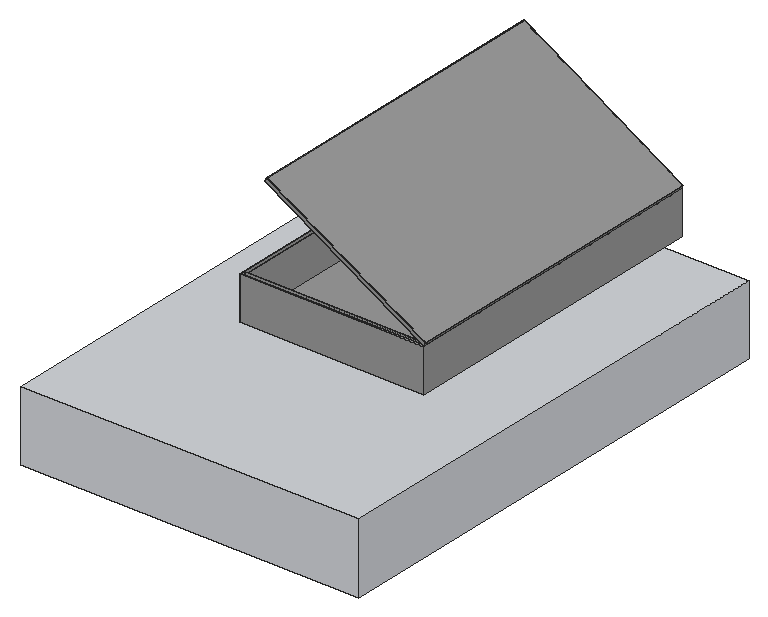
Revit family "Hager-Univers-IP54-D205-H1400-Cl.I-encl-DE-de", category Equipement électrique, Revit 2020
Family settings
  Hôte = Face
  Configuration du panneau = Deux colonnes, circuits au sein
  Cote de connecteur circulaire = Utiliser le diamètre
  Type d'élément = Tableau de raccordement
  Couper avec des vides une fois chargée = Non
  Partagée = Non
  Point de calcul de pièce = Non
Parameters (values of type "Aufputz IP54 B800 H1400 T205  - FP93TW2")
  Width Control [instance] = if([EF000008 - Breite] > Min Width, [EF000008 - Breite], Min Width)  # 800 mm
  Commentaires du type = [HG000003 - Bereich]  # "Univers"
  Thickness Door [instance] = if([EF009171 - Materialstärke Tür/Deckel] > 3 mm, 3 mm, [EF009171 - Materialstärke Tür/Deckel])  # 1 mm
  Seal Frame Offset [instance] = 17 mm  # constant formula
  Plinth Visibility [instance] = [HG000027 - Sockelhöhe] > 0 mm  # no
  Model = ""
  Min Width [instance] = 100 mm  # constant formula
  Min Height [instance] = 100 mm  # constant formula
  Min Depth [instance] = (2 * [EF009170 - Materialstärke Gehäuse]) + 1 mm  # 3 mm
  Internal Frame Depth [instance] = (Door System Depth * 0.5)  # 9 mm
  Height Control [instance] = if([EF000040 - Höhe] > Min Height, [EF000040 - Höhe], Min Height)  # 1400 mm
  HG000027 - Sockelhöhe = 0 mm
  HG000026 - Stehend auf dem Boden = no
  HG000024 - Höhe des unteren Teils = 800 mm
  HG000023 - Gehäuse mit doppeltem Querschnitt = no
  HG000016 - 3D-Türsichtbarkeit [instance] = yes
  HG000015 - Sichtbarkeit der Türöffnung [instance] = no
  HG000014 - Tür rechts [instance] = yes
  HG000013 - Tür links [instance] = not([HG000014 - Tür rechts])  # no
  HG000012 - Türschwenkwinkel [instance] = 30.00°
  HG000010 - Asymmetrische Türen = no
  HG000009 - Doppelflügeligen Tür = no
  HG000006 - Unterputz = no
  HG000004 - Herstellerreferenz = "FP93TW2"
  HG000003 - Bereich = "Univers"
  HG000002 - Mit tür = yes
  Frame Offset Bottom [instance] = 10 mm  # constant formula
  Frame Offset [instance] = 15 mm  # constant formula
  EF015940 - Deckel mit Überdruckentlastung = no
  EF011959 - Schutzart (NEMA) = ""
  EF009554 - Anzahl der Öffnungen für Flanschplatten = 6
  Fabricant = "Hager"  # constant formula
  EF009212 - Ausführung Deckel = "EV000116 - geschlossen"
  EF009171 - Materialstärke Tür/Deckel = 1 mm
  EF009170 - Materialstärke Gehäuse = 1 mm
  EF008873 - Nennstrom (In) = 250 A
  EF007800 - Geeignet für Blitzschutz = no
  EF006306 - Mit Schloss = no
  EF006244 - Transparenter Deckel/Tür = no
  EF005474 - Schutzart (IP) = "EV006419 - IP54"
  EF004464 - Art der Tür = "EV002646 - Einzel"
  EF004427 - Anzahl der Module = 324
  EF004293 - Schlagfestigkeit = "EV006815 - IK09"
  EF003532 - Geeignet für Außengebrauch = no
  EF002950 - Breite in Teilungseinheiten = 36
  EF001613 - Funktionserhalt = "EV000494 - ohne"
  EF001596 - Werkstoff des Gehäuses = "EV000179 - Stahl"
  EF001131 - Innentiefe = 130 mm
  EF001088 - Anbaumöglichkeit = yes
  EF000437 - Anzahl der Leitungseinführungen = 6
  EF000339 - Art der Abdeckung = "EV001012 - Deckel"
  EF000266 - Anzahl der Reihen = 9
  EF000218 - Einbautiefe = 205 mm
  EF000118 - Mit Montageplatte = no
  EF000116 - RAL-Nummer = "9010"
  EF000049 - Tiefe = 205 mm
  EF000040 - Höhe = 1400 mm
  EF000008 - Breite = 800 mm
  EF000007 - Farbe = "EV000202 - weiß"
  EF000003 - Montageart = "EV000384 - Aufputz"
  Door System Leaf Tolerance [instance] = 1.5 mm  # constant formula
  Door System Depth [instance] = 18 mm  # constant formula
  Door Height [instance] = Height Control - [HG000027 - Sockelhöhe]  # 1400 mm
  Depth Control [instance] = if([EF000049 - Tiefe] > Min Depth, [EF000049 - Tiefe], Min Depth)  # 205 mm
  Default Elevation = 0 mm
  Connector Offset [instance] = Height Control / 2  # 700 mm
  Bottom Top Plate Trim [instance] = 1.5 mm  # constant formula
  Plinth height Ctrl [instance] = if([HG000027 - Sockelhöhe] > 0 mm, [HG000027 - Sockelhöhe], 12 mm)  # 12 mm
Types (8, lengths in mm): name | Width Control | HG000009 - Doppelflügeligen Tür | HG000004 - Herstellerreferenz | EF009554 - Anzahl der Öffnungen für Flanschplatten | EF004464 - Art der Tür | EF004427 - Anzahl der Module | EF002950 - Breite in Teilungseinheiten | EF000437 - Anzahl der Leitungseinführungen | EF000008 - Breite
  Aufputz IP54 B1050 H1400 T205  - FP94TW2 | 1050 | no | "FP94TW2" | 8 | "EV003602 - Doppel" | 432 | 48 | 8 | 1050
  Aufputz IP54 B1300 H1400 T205  - FP95TW | 1300 | yes | "FP95TW" | 10 | "EV003602 - Doppel" | 540 | 60 | 10 | 1300
  Aufputz IP54 B1300 H1400 T205  - FP95TW2 | 1300 | yes | "FP95TW2" | 10 | "EV003602 - Doppel" | 540 | 60 | 10 | 1300
  Aufputz IP54 B300 H1400 T205  - FP91TW2 | 300 | no | "FP91TW2" | 2 | "EV002646 - Einzel" | 108 | 12 | 2 | 300
  Aufputz IP54 B550 H1400 T205  - FP92TW | 550 | no | "FP92TW" | 4 | "EV002646 - Einzel" | 216 | 24 | 4 | 550
  Aufputz IP54 B550 H1400 T205  - FP92TW2 | 550 | no | "FP92TW2" | 4 | "EV002646 - Einzel" | 216 | 24 | 4 | 550
  Aufputz IP54 B800 H1400 T205  - FP93TW | 800 | no | "FP93TW" | 6 | "EV002646 - Einzel" | 324 | 36 | 6 | 800
  Aufputz IP54 B800 H1400 T205  - FP93TW2 | 800 | no | "FP93TW2" | 6 | "EV002646 - Einzel" | 324 | 36 | 6 | 800
Reference planes
  plane 1 "Center (Front/Back)": y = 0
  plane 2: z = 0
  plane 3 "Center (Left/Right)": x = 0
  plane 4: z = 205
  plane 5: y = 1
  plane 6: y = 700
  plane 7: y = 0
  plane 8: y = 1400
  plane 9: z = 0
  plane 10: x = -385
  plane 11: x = 385
  plane 12: x = 384
  plane 13: x = -384
  plane 14: y = 1399
  plane 15: x = -383
  plane 16: x = -400
  plane 17: x = 383
  plane 18: x = 400
  plane 19: x = 399
  plane 20: x = -399
  plane 21: y = 11
  plane 22: y = 1400
  plane 23: y = 1384
  plane 24: z = 187
  plane 25: z = 1
  plane 26: z = 186
  plane 27: z = 204
Forms (mm)
  Extrusion 1, solid
    sketch origin (0, 0, 0) x (1, 0, 0) y (0, 1, 0)
      loop
        line (-702.964, 1305) -> (-702.964, -811.445) -> (766.763, -811.445) -> (766.763, 1305) -> (-702.964, 1305)
    from 0 to -304.8
  Extrusion 2, solid, material "Hager_Steel_RAL7035_Light_Grey", visible <- "Plinth Visibility", detail levels medium+fine
    sketch origin (0, 0, 0) x (1, 0, 0) y (0, 1, 0)
      loop
        line (-400, 0) -> (400, 0) -> (400, 12) -> (-400, 12) -> (-400, 0)
    from 0 to 187
  Extrusion 3, solid, material "Hager_Steel_RAL7035_Light_Grey", detail levels medium+fine
    sketch origin (0, 0, 0) x (1, 0, 0) y (0, 1, 0)
      loop
        line (-400, 0) -> (400, 0) -> (400, 1400) -> (-400, 1400) -> (-400, 0)
    from 0 to 187
  Extrusion 4, void
    sketch origin (0, 0, 0) x (1, 0, 0) y (0, 1, 0)
      loop
        line (-399, 1) -> (399, 1) -> (399, 1399) -> (-399, 1399) -> (-399, 1)
    from 1 to 186
  Extrusion 5, void
    sketch origin (-381.607, -4572, 187) x (0, -1, 0) y (-1, 0, 0)
      loop
        line (-4583, 2.393) -> (-5956, 2.393) -> (-5956, -765.607) -> (-4583, -765.607) -> (-4583, 2.393)
    from 0 to 1 <- "EF009170 - Materialstärke Gehäuse"
  Extrusion 6, solid, material "Hager_Steel_RAL7035_Light_Grey", detail levels fine
    sketch origin (0, 0, 187) x (1, 0, 0) y (0, 1, 0)
      loop
        line (-384, 1384) -> (-384, 11) -> (384, 11) -> (384, 1384) -> (-384, 1384)
      loop
        line (-385, 10) -> (385, 10) -> (385, 1385) -> (-385, 1385) -> (-385, 10)
    from 0 to 9 <- "Internal Frame Depth"
  Extrusion 7, solid, material "Hager_Steel_RAL7035_Light_Grey", detail levels coarse
    sketch origin (0, 0, 0) x (1, 0, 0) y (0, 1, 0)
      loop
        line (-400, 0) -> (400, 0) -> (400, 1400) -> (-400, 1400) -> (-400, 0)
    from 0 to 205
  Sweep 8, void
    path in 3D
      loop
        line (-400, 12, 0) -> (400, 12, 0) -> (400, 12, 187) -> (-400, 12, 187) -> (-400, 12, 0)
    profile origin (-400, 12, 93.5) x (-1, 0, 0) y (0, -1, 0)
      loop
        line (0, 0) -> (0, 1.5) -> (-1.5, 1.5)
        arc (-1.5, 1.5) -> (-1.061, 0.439) -> (0, 0) r 1.5
Cuts and joins
  Extrusion 4, Extrusion 5 cuts Extrusion 3
  Sweep 8 cuts Extrusion 2
Lines and regions (mm)
  Masking region 1
    outline origin (0, 0, 0) x (1, 0, 0) y (0, 0, 1)
      loop
        line (-400, 205) -> (-400, 0) -> (400, 0) -> (400, 205) -> (-400, 205)
  Masking region 2, detail levels medium+fine
    outline origin (0, 140, 0) x (0, 1, 0) y (0, 0, 1)
      loop
        line (-140, 0) -> (1260, 0) -> (1260, 187) -> (-140, 187) -> (-140, 0)
  Masking region 3, not visible, detail levels medium+fine
    outline origin (0, 297.922, 0) x (0, 1, 0) y (0, 0, 1)
      loop
        line (413.578, 0) -> (453.578, 0) -> (453.578, 194)
        arc (453.578, 194) -> (450.649, 201.071) -> (443.578, 204) r 10
        line (443.578, 204) -> (413.578, 204) -> (413.578, 0)
  Masking region 4, detail levels coarse
    outline origin (0, 0, 180) x (0, 1, 0) y (0, 0, 1)
      loop
        line (0, -180) -> (1400, -180) -> (1400, 25) -> (0, 25) -> (0, -180)
  Masking region 5, visible <- "Plinth Visibility", detail levels medium+fine
    outline origin (0, 52.24, 12.345) x (0, 0, -1) y (0, 1, 0)
      loop
        line (10.845, -40.24) -> (-173.155, -40.24)
        arc (-173.155, -40.24) -> (-173.594, -41.301) -> (-174.655, -41.74) r 1.5
        line (-174.655, -41.74) -> (-174.655, -52.24) -> (12.345, -52.24) -> (12.345, -41.74)
        arc (12.345, -41.74) -> (11.285, -41.301) -> (10.845, -40.24) r 1.5
  Masking region 6, detail levels medium+fine
    outline origin (-381.607, -4572, 187) x (-1, 0, 0) y (0, -1, 0)
      loop
        line (18.393, -5972) -> (18.393, -4572) -> (-781.607, -4572) -> (-781.607, -5972) -> (18.393, -5972)
  Masking region 7, visible <- "Plinth Visibility", detail levels medium+fine
    outline origin (-381.607, -4727, 187) x (-1, 0, 0) y (0, -1, 0)
      loop
        arc (16.893, -4739) -> (17.332, -4737.939) -> (18.393, -4737.5) r 1.5
        line (18.393, -4737.5) -> (18.393, -4727) -> (-781.607, -4727) -> (-781.607, -4737.5)
        arc (-781.607, -4737.5) -> (-780.546, -4737.939) -> (-780.107, -4739) r 1.5
        line (-780.107, -4739) -> (16.893, -4739)
  Masking region 8, detail levels coarse
    outline origin (-442.548, -4669.526, 187) x (-1, 0, 0) y (0, -1, 0)
      loop
        line (-42.548, -6069.526) -> (-42.548, -4669.526) -> (-842.548, -4669.526) -> (-842.548, -6069.526) -> (-42.548, -6069.526)
  sketch lines
    curve 1: line (-400, 12, 187) -> (-400, 12, 0)
    curve 2: line (400, 12, 187) -> (-400, 12, 187)
    curve 3: line (400, 12, 187) -> (400, 12, 0)
    curve 4: line (-400, 12, 0) -> (400, 12, 0)
Dimensions and locks
  "Depth Control": plane 4 to Extrusion 1
  "HG000027 - Sockelhöhe": plane 1 "Center (Front/Back)" to plane 7
  "EF009170 - Materialstärke Gehäuse": plane 5 to plane 7
  locked: connector elem to plane 3 "Center (Left/Right)"
  equal spacing: plane 8, plane 6, plane 7
  locked: connector elem to plane 6
  "EF009170 - Materialstärke Gehäuse": plane 8 to plane 14
  "EF009170 - Materialstärke Gehäuse": plane 10 to plane 13
  "EF009170 - Materialstärke Gehäuse": plane 12 to plane 11
  "Frame Offset": plane 20 to plane 13
  "Frame Offset": plane 12 to plane 19
  "EF009170 - Materialstärke Gehäuse": plane 16 to plane 20
  "EF009170 - Materialstärke Gehäuse": plane 19 to plane 18
  "Seal Frame Offset": plane 16 to plane 15
  "Seal Frame Offset": plane 17 to plane 18
  "Frame Offset Bottom": plane 21 to plane 5
  "Frame Offset": plane 14 to plane 23
  equal spacing: plane 16, plane 3 "Center (Left/Right)", plane 18
  "Width Control": plane 16 to plane 18
  "EF009170 - Materialstärke Gehäuse": plane 4 to plane 27
  "EF009170 - Materialstärke Gehäuse": plane 24 to plane 26
  "EF009170 - Materialstärke Gehäuse": plane 25 to level
  "Door System Depth": plane 4 to plane 24
  "Height Control": plane 1 "Center (Front/Back)" to Extrusion 7 sketch curve
  "Height Control": Masking region 4 sketch curve to plane 1 "Center (Front/Back)"
  "Height Control": plane 1 "Center (Front/Back)" to plane 22
  "Bottom Top Plate Trim": profile plane to Sweep 8 sketch curve
  "Bottom Top Plate Trim": Sweep 8 sketch curve to profile plane
  "Plinth height Ctrl": plane 1 "Center (Front/Back)" to Extrusion 2 sketch curve
  "Plinth height Ctrl": Masking region 5 sketch curve to plane 1 "Center (Front/Back)"
  "Plinth height Ctrl": plane 1 "Center (Front/Back)" to Masking region 7 sketch curve
  "Thickness Door": Extrusion 6 sketch curve to Extrusion 6 sketch curve  (x3)
  "Thickness Door": cut or joined group of Extrusion 3, Extrusion 4, Extrusion 5 to Extrusion 6 sketch curve
  radius of Masking region 3 sketch curve = 10 mm
  "Bottom Top Plate Trim": radius of Masking region 5 sketch curve  (x2)
  "Bottom Top Plate Trim": radius of Sweep 8 sketch curve
  "Bottom Top Plate Trim": radius of Masking region 7 sketch curve  (x2)
  aligned and locked: plane 2 to Extrusion 1
  aligned and locked: level to Extrusion 1
  aligned and locked: level to Masking region 1 sketch curve
  aligned and locked: Masking region 1 sketch curve to plane 18
  aligned and locked: Masking region 1 sketch curve to plane 16
  aligned and locked: plane 7 to Masking region 2 sketch curve
  aligned and locked: level to Masking region 3 sketch curve
  aligned and locked: Masking region 3 sketch curve to plane 27
  aligned and locked: level to Masking region 2 sketch curve
  aligned and locked: plane 1 "Center (Front/Back)" to Extrusion 2 sketch curve
  aligned and locked: Extrusion 3 sketch curve to plane 7
  aligned and locked: plane 16 to Extrusion 3 sketch curve
  aligned and locked: plane 18 to Extrusion 3 sketch curve
  aligned and locked: plane 20 to Extrusion 4 sketch curve
  aligned and locked: plane 19 to Extrusion 4 sketch curve
  aligned and locked: Extrusion 4 sketch curve to plane 5
  aligned and locked: Extrusion 4 to plane 25
  aligned and locked: plane 26 to Extrusion 4
  aligned and locked: plane 24 to Extrusion 3
  aligned and locked: Extrusion 5 sketch curve to plane 21
  aligned and locked: Extrusion 5 sketch curve to plane 13
  aligned and locked: Extrusion 5 sketch curve to plane 12
  aligned and locked: plane 18 to Extrusion 7 sketch curve
  aligned and locked: plane 1 "Center (Front/Back)" to Extrusion 7 sketch curve
  aligned and locked: plane 16 to Extrusion 7 sketch curve
  aligned and locked: plane 4 to Extrusion 7
  aligned and locked: Extrusion 7 to level
  aligned and locked: level to Masking region 4 sketch curve
  aligned and locked: Masking region 4 sketch curve to plane 1 "Center (Front/Back)"
  aligned and locked: Masking region 4 sketch curve to plane 4
  aligned and locked: nested 1 to level
  aligned and locked: nested 1 to plane 16
  aligned and locked: plane 8 to Extrusion 3 sketch curve
  aligned and locked: plane 23 to Extrusion 5 sketch curve
  aligned and locked: plane 14 to Extrusion 4 sketch curve
  aligned and locked: Masking region 2 sketch curve to plane 8
  aligned and locked: level to Masking region 5 sketch curve
  aligned and locked: plane 16 to Extrusion 2 sketch curve
  aligned and locked: plane 18 to Extrusion 2 sketch curve
  aligned and locked: Masking region 5 sketch curve to plane 24
  aligned and locked: Masking region 2 sketch curve to plane 24
  aligned and locked: plane 24 to Extrusion 2
  aligned and locked: profile plane to Sweep 8 sketch curve  (x2)
  aligned and locked: Masking region 6 sketch curve to plane 18
  aligned and locked: Masking region 6 sketch curve to plane 22
  aligned and locked: Masking region 6 sketch curve to plane 16
  aligned and locked: plane 8 to plane 22
  aligned and locked: Masking region 6 sketch curve to plane 7
  aligned and locked: Masking region 7 sketch curve to plane 16
  aligned and locked: Masking region 7 sketch curve to plane 1 "Center (Front/Back)"
  aligned and locked: Masking region 7 sketch curve to plane 18
  aligned and locked: Masking region 8 sketch curve to plane 1 "Center (Front/Back)"
  aligned and locked: Masking region 8 sketch curve to plane 18
  aligned and locked: Masking region 8 sketch curve to plane 22
  aligned and locked: Masking region 8 sketch curve to plane 16
  aligned and locked: nested 2 to plane 7
  aligned and locked: plane 3 "Center (Left/Right)" to nested 2
  aligned and locked: nested 2 to plane 24
  aligned and locked: Extrusion 6 sketch curve to cut or joined group of Extrusion 3, Extrusion 4, Extrusion 5  (x4)
Automatic sketch dimensions
  Extrusion 1 sketch curve to Extrusion 1 sketch curve = 1469.727 mm
  Extrusion 1 sketch curve to Extrusion 1 sketch curve = 2116.445 mm
  Masking region 1 sketch curve to plane 4 = 0 mm
  plane 6 to Masking region 3 sketch curve = 11.5 mm
  Masking region 3 sketch curve to Masking region 3 sketch curve = 30 mm
  Masking region 5 sketch curve to plane 1 "Center (Front/Back)" = 0 mm
Nested families
  nested 1: "Hager_Enclosure_Symbol" at (-400, 0, 0) x (1, 0, 0) z (0, -1, 0), Height <- "Depth Control", Width <- "Width Control", type "Hager_Enclosure_Symbol"
    with Width_Ctrl 800 mm, Width 800 mm, Height_Ctrl 205 mm, Height 205 mm, A_Width_Int 13.453 mm, A_Width 161.438 mm, A_Height_Ctrl 179.375 mm, A_Height 179.375 mm
  nested 2: "EC000058_Univers_Door" at (0, 0, 187) x (1, 0, 0) z (0, 1, 0), Leaf_Tolerance <- "Door System Leaf Tolerance", Angle <- "HG000012 - Türschwenkwinkel", Door_Depth <- "Door System Depth", Door_Left <- "HG000013 - Tür links", Transparent <- "EF006244 - Transparenter Deckel/Tür", Assymetrical <- "HG000010 - Asymmetrische Türen", Width <- "Width Control", Clearance <- "HG000015 - Sichtbarkeit der Türöffnung", Double <- "HG000009 - Doppelflügeligen Tür", 3d_Door <- "HG000016 - 3D-Türsichtbarkeit", Lock_Visibility <- "EF006306 - Mit Schloss", Width_Ctrl <- "Width Control", Door_Right <- "HG000014 - Tür rechts", Door <- "HG000002 - Mit tür", Height <- "Door Height", Thickness <- "Thickness Door", type "EC000058_Univers_Door", detail levels medium+fine
    with min_wh 3 mm, Width_Ctrl 800 mm, Width 800 mm, Transparent no, Thickness 1 mm, Seal_Material Hager_Rubber, Lock_Visibility no, Lock_Material Hager_Plastic_RAL9005_Jet_Black, Leaf_Width 800 mm, Leaf_Tolerance_External_Sides 0 mm, Leaf_Tolerance 1.5 mm, Leaf_Offset 0 mm, Leaf_Height 1397 mm, Leaf_2_Width 800 mm, Leaf_2_Offset 400 mm, Leaf_1_Width 800 mm, Leaf_1_Offset 400 mm, Height_Ctrl 1400 mm, Height 1400 mm, Glass_Material Hager_Glass, Double_Clearance_Ctrl no, Double no, Door_Right_Ctrl yes, Door_Right yes, Door_Material Hager_Steel_RAL7035_Light_Grey, Door_Left_Ctrl no, Door_Left no, Door_Depth 18 mm, Door yes, Clearance_Material Hager_Clearance, Clearance_Depth 800 mm, Clearance_Ctrl no, Clearance no, Assymetrical no, Angle 30.00°, 3d_Door yes
Connectors
  electrical at (0, 700, 0)
    settings: on plane 9, index 1, voltage 0 V, apparent load 0 VA, apparent load phase1 0 VA, apparent load phase2 0 VA, apparent load phase3 0 VA, power factor 1, load classification "Other", number of poles 1, system type 30, power factor state 1, is connector primary yes, connector utility no, sub classification motor no, connector description ""
Definition of nested family "EC000058_Univers_Door"
  Parameters (values of type "EC000058_Univers_Door")
    min_wh [instance] = (2 * Thickness) + 1 mm  # 11 mm
    Width_Ctrl [instance] = 400 mm
    Width [instance] = 500 mm
    Transparent [instance] = yes
    Thickness [instance] = 5 mm
    Seal_Material [instance] = none
    Lock_Visibility [instance] = yes
    Lock_Material [instance] = none
    Leaf_Width [instance] = if((Width_Ctrl - 2 * Leaf_Tolerance_External_Sides) > 0 mm, (Width_Ctrl - 2 * Leaf_Tolerance_External_Sides), min_wh)  # 400 mm
    Leaf_Tolerance_External_Sides [instance] = 0 mm  # constant formula
    Leaf_Tolerance [instance] = 1.5 mm
    Leaf_Offset [instance] = 0 mm  # constant formula
    Leaf_Height [instance] = if((Height_Ctrl - 2 * Leaf_Tolerance) > 0 mm, (Height_Ctrl - 2 * Leaf_Tolerance), min_wh)  # 497 mm
    Leaf_2_Width [instance] = if(and(and(Double, Assymetrical), Door_Left), (Leaf_Width / 3) - (Leaf_Tolerance / 2), if(and(and(Double, Assymetrical), Door_Right), (Leaf_Width / 3) * 2 - (Leaf_Tolerance / 2), if(and(Double, not(Assymetrical)), (Leaf_Width / 2) - Leaf_Tolerance, Leaf_Width)))  # 400 mm
    Leaf_2_Offset [instance] = if(and(Double, Assymetrical), Leaf_2_Width / 2, if(and(Double, not(Assymetrical)), Leaf_Width / 4, Leaf_Width / 2))  # 200 mm
    Leaf_1_Width [instance] = if(and(and(Double, Assymetrical), Door_Right), (Leaf_Width / 3) - (Leaf_Tolerance / 2), if(and(and(Double, Assymetrical), Door_Left), (Width / 3) * 2 - (Leaf_Tolerance / 2), if(and(Double, not(Assymetrical)), (Leaf_Width / 2) - Leaf_Tolerance, Leaf_Width)))  # 400 mm
    Leaf_1_Offset [instance] = if(and(Double, Assymetrical), Leaf_1_Width / 2, if(and(Double, not(Assymetrical)), Leaf_Width / 4, Leaf_Width / 2))  # 200 mm
    Height_Ctrl [instance] = if(Height > min_wh, Height, min_wh)  # 500 mm
    Height [instance] = 500 mm
    Glass_Material [instance] = none
    Double_Clearance_Ctrl [instance] = and(Double, Clearance)  # no
    Double [instance] = no
    Door_Right_Ctrl [instance] = and(or(Door_Right, Double), Door)  # yes
    Door_Right [instance] = yes
    Door_Material [instance] = none
    Door_Left_Ctrl [instance] = and(or(Door_Left, Double), Door)  # no
    Door_Left [instance] = no
    Door_Depth [instance] = 30 mm
    Door [instance] = yes
    Default Elevation = 1219.2 mm
    Clearance_Material [instance] = none
    Clearance_Depth [instance] = if(Leaf_1_Width > Leaf_2_Width, Leaf_1_Width, Leaf_2_Width)  # 400 mm
    Clearance_Ctrl [instance] = and(not(Double), Clearance)  # yes
    Clearance [instance] = yes
    Assymetrical [instance] = yes
    Angle [instance] = 30.00°
    3d_Door [instance] = yes
  Reference planes
    plane 1 "Center (Front/Back)": y = 0
    plane 2 "Bottom": z = 0
    plane 3 "Center (Left/Right)": x = 0
    plane 4: z = 500
    plane 5: x = -200
    plane 6: x = 200
    plane 7: z = 500
    plane 8: x = -200
    plane 9: z = 0
    plane 10: x = 200
    plane 11: y = 0
    plane 12: z = 1.5
    plane 13: x = -600
    plane 14: y = -400
    plane 15: x = 600
    plane 16: x = 0
    plane 17: x = 0
    plane 18: x = -200
    plane 19: x = 200
    plane 20: z = 498.5
  Forms (mm)
    Extrusion 1, solid, material <- "Clearance_Material", visible <- "Double_Clearance_Ctrl"
      sketch origin (1200, 0, 0) x (1, 0, 0) y (0, 0, -1)
        loop
          line (-1800, -498.5) -> (-600, -498.5) -> (-600, 0) -> (-1800, 0) -> (-1800, -498.5)
      from 0 to -400
  Dimensions and locks
    equal spacing: plane 5, plane 3 "Center (Left/Right)", plane 6
    "Width_Ctrl": plane 5 to plane 6
    "Leaf_Offset": plane 5 to plane 8
    "Leaf_Offset": plane 6 to plane 10
    "Leaf_Offset": plane 9 to level
    "Leaf_Offset": plane 4 to plane 7
    "Height_Ctrl": plane 4 to level
    "Leaf_Tolerance": plane 12 to plane 9
    locked: plane 11 to plane 1 "Center (Front/Back)"
    "Leaf_1_Offset": plane 18 to plane 16
    "Leaf_2_Offset": plane 17 to plane 19
    "Leaf_1_Width": plane 13 to plane 8
    "Leaf_2_Width": plane 10 to plane 15
    "Clearance_Depth": plane 14 to plane 1 "Center (Front/Back)"
    "Leaf_Tolerance_External_Sides": plane 8 to plane 18
    "Leaf_Tolerance_External_Sides": plane 19 to plane 10
    "Leaf_Tolerance": plane 7 to plane 20
    aligned and locked: level to plane 2 "Bottom"
    aligned and locked: nested 1 to plane 16
    aligned and locked: nested 2 to plane 17
    aligned and locked: Extrusion 1 to plane 13
    aligned and locked: plane 15 to Extrusion 1
    aligned and locked: Extrusion 1 to plane 14
    aligned and locked: plane 12 to nested 1
    aligned and locked: nested 2 to plane 12
    aligned and locked: Extrusion 1 to plane 11
    aligned and locked: plane 20 to Extrusion 1
    aligned and locked: nested 2 to plane 11
    aligned and locked: nested 1 to plane 11
  Automatic sketch dimensions
    Extrusion 1 sketch curve to level = 0 mm
    plane 5 to Extrusion 1 sketch curve = 400 mm
    plane 6 to Extrusion 1 sketch curve = 400 mm
    Extrusion 1 sketch curve to plane 4 = 1.5 mm
  Nested families
    nested 1: "EC000058_Univers_Door_Leaf" at (0, 0, 1.5), Width <- "Leaf_1_Width", visible <- "Door_Left_Ctrl", Leaf_Height <- "Leaf_Height", Angle <- "Angle", 3d_Door <- "3d_Door", Transparent <- "Transparent", Clearance Material <- "Clearance_Material", Clearance <- "Clearance_Ctrl", Door_Material <- "Door_Material", Glass_Material <- "Glass_Material", Door_Depth <- "Door_Depth", Lock_Material <- "Lock_Material", Seal_Material <- "Seal_Material", Lock_Visibility <- "Lock_Visibility", Thickness <- "Thickness", type "EC000058_Univers_Door_Leaf"
      with Width 400 mm, Transparent_Glass_Offset 30 mm, Transparent_Ctrl yes, Transparent yes, Thickness 5 mm, Standard no, Seal_Material none, Seal_D2 8 mm, Seal_D1 1 mm, Offset_Internal_Frame 10 mm, Lock_Width 20 mm, Lock_Visibility_3d yes, Lock_Visibility yes, Lock_Thickness_3 3 mm, Lock_Thickness_2 1 mm, Lock_Thickness_1 3 mm, Lock_Radius_Offset_2 16 mm, Lock_Radius_Offset_1 15 mm, Lock_Radius_2 5 mm, Lock_Radius 6 mm, Lock_Offset 5 mm, Lock_Material none, Lock_Height 80 mm, Lock_Cover_Top_Offset_2d 17 mm, Lock_Cover_Height -65 mm, Leaf_Height 497 mm, Internal_Seal_Thickness 8 mm, Internal_Seal_Depth_2 4.5 mm, Internal_Frame_Depth 25 mm, Glass_Thickness -1 mm, Glass_Offset -2 mm, Glass_Material none, Door_Material none, Door_Depth 30 mm, Clearance Material none, Clearance yes, Angle_Ctrl 30.00°, Angle 30.00°, 3d_Door yes
    nested 2: "EC000058_Univers_Door_Leaf" at (0, 0, 1.5) x (-1, 0, 0) z (0, 0, 1), Width <- "Leaf_2_Width", visible <- "Door_Right_Ctrl", Leaf_Height <- "Leaf_Height", Angle <- "Angle", 3d_Door <- "3d_Door", Transparent <- "Transparent", Clearance Material <- "Clearance_Material", Clearance <- "Clearance_Ctrl", Door_Material <- "Door_Material", Glass_Material <- "Glass_Material", Door_Depth <- "Door_Depth", Lock_Material <- "Lock_Material", Seal_Material <- "Seal_Material", Lock_Visibility <- "Lock_Visibility", Thickness <- "Thickness", type "EC000058_Univers_Door_Leaf"
      with Width 400 mm, Transparent_Glass_Offset 30 mm, Transparent_Ctrl yes, Transparent yes, Thickness 5 mm, Standard no, Seal_Material none, Seal_D2 8 mm, Seal_D1 1 mm, Offset_Internal_Frame 10 mm, Lock_Width 20 mm, Lock_Visibility_3d yes, Lock_Visibility yes, Lock_Thickness_3 3 mm, Lock_Thickness_2 1 mm, Lock_Thickness_1 3 mm, Lock_Radius_Offset_2 16 mm, Lock_Radius_Offset_1 15 mm, Lock_Radius_2 5 mm, Lock_Radius 6 mm, Lock_Offset 5 mm, Lock_Material none, Lock_Height 80 mm, Lock_Cover_Top_Offset_2d 17 mm, Lock_Cover_Height -65 mm, Leaf_Height 497 mm, Internal_Seal_Thickness 8 mm, Internal_Seal_Depth_2 4.5 mm, Internal_Frame_Depth 25 mm, Glass_Thickness -1 mm, Glass_Offset -2 mm, Glass_Material none, Door_Material none, Door_Depth 30 mm, Clearance Material none, Clearance yes, Angle_Ctrl 30.00°, Angle 30.00°, 3d_Door yes
  Definition of nested family "EC000058_Univers_Door_Leaf"
    Parameters (values of type "EC000058_Univers_Door_Leaf")
      Width [instance] = 2000 mm
      Transparent_Glass_Offset [instance] = 30 mm
      Transparent_Ctrl [instance] = and(Transparent, [3d_Door])  # yes
      Transparent [instance] = yes
      Thickness [instance] = 5 mm
      Standard [instance] = and(not(Transparent), [3d_Door])  # no
      Seal_Material [instance] = none
      Seal_D2 [instance] = 8 mm  # constant formula
      Seal_D1 [instance] = 1 mm  # constant formula
      Offset_Internal_Frame [instance] = 10 mm  # constant formula
      Lock_Width [instance] = 20 mm  # constant formula
      Lock_Visibility_3d [instance] = and(Lock_Visibility, [3d_Door])  # yes
      Lock_Visibility [instance] = yes
      Lock_Thickness_3 [instance] = 3 mm  # constant formula
      Lock_Thickness_2 [instance] = 1 mm  # constant formula
      Lock_Thickness_1 [instance] = 3 mm  # constant formula
      Lock_Radius_Offset_2 [instance] = Lock_Radius_Offset_1 + 1 mm  # 16 mm
      Lock_Radius_Offset_1 [instance] = 15 mm  # constant formula
      Lock_Radius_2 [instance] = Lock_Radius - 1 mm  # 5 mm
      Lock_Radius [instance] = 6 mm  # constant formula
      Lock_Offset [instance] = 5 mm  # constant formula
      Lock_Material [instance] = none
      Lock_Height [instance] = 80 mm  # constant formula
      Lock_Cover_Top_Offset_2d [instance] = Lock_Radius_Offset_2 + 1 mm  # 17 mm
      Lock_Cover_Height [instance] = -(Lock_Height - Lock_Radius_Offset_1)  # -65 mm
      Leaf_Height [instance] = 2720.336 mm
      Internal_Seal_Thickness [instance] = 8 mm  # constant formula
      Internal_Seal_Depth_2 [instance] = 4.5 mm  # constant formula
      Internal_Frame_Depth [instance] = if(Door_Depth - Thickness > 5 mm, Door_Depth - Thickness, 5 mm)  # 25 mm
      Glass_Thickness [instance] = if(Thickness > 15 mm, Glass_Offset + 10 mm, -1 mm)  # -1 mm
      Glass_Offset [instance] = if(Thickness > 15 mm, -(Thickness + 10 mm) / 2, -2 mm)  # -2 mm
      Glass_Material [instance] = none
      Door_Material [instance] = none
      Door_Depth [instance] = 30 mm
      Default Elevation = 0 mm
      Clearance Material [instance] = none
      Clearance [instance] = yes
      Angle_Ctrl [instance] = if(Angle > 180.00°, 180.00°, Angle)  # 90.00°
      Angle [instance] = 90.00°
      3d_Door [instance] = yes
    Reference planes
      plane 1 "Center (Front/Back)": y = 0
      plane 2: z = 0
      plane 3 "Center (Left/Right)": x = 0
      plane 4: y = 2000
      plane 5: x = -1000
      plane 6: x = 1000
      plane 7: x = -3000
      plane 8: z = 2720.336
      plane 9: z = 30
      plane 10: z = 2690.336
      plane 11: x = 970
      plane 12: x = -970
      plane 13: y = -3
      plane 14: z = 107.833
      plane 15: y = -5
      plane 16: y = -223.314
      plane 17: x = -1000
      plane 18: z = 1360.168
      plane 19: y = 30
    Forms (mm)
      Extrusion 1, solid, material <- "Clearance Material", visible <- "Clearance"
        sketch origin (0, 0, 0) x (1, 0, 0) y (0, 0, 1)
          loop
            line (-3000, 2720.336) -> (-3000, 0) -> (1000, 0) -> (1000, 2720.336) -> (-3000, 2720.336)
        from 0 to -2000
      Extrusion 2, solid, material <- "Door_Material", visible <- "Standard", detail levels medium+fine
        sketch origin (-1000, 0, 0) x (0, 1, 0) y (-1, 0, 0)
          loop
            line (0, 30) -> (0, 25) -> (2000, 25) -> (2000, 30) -> (0, 30)
        from 0 to 2720.336 <- "Leaf_Height"
      Extrusion 3, solid, material <- "Door_Material", visible <- "Transparent_Ctrl", detail levels medium+fine
        sketch origin (-1000, 0, 0) x (0, 1, 0) y (-1, 0, 0)
          loop
            line (0, 25) -> (2000, 25) -> (2000, 30) -> (0, 30) -> (0, 25)
        from 0 to 2720.336 <- "Leaf_Height"
      Extrusion 4, void
        sketch origin (-1025, 2000, 0) x (0, 1, 0) y (0, 0, -1)
          loop
            line (-30, -2690.336) -> (-30, -30) -> (-1970, -30) -> (-1970, -2690.336) -> (-30, -2690.336)
        from 0 to 5 <- "Thickness"
      Sweep 5, solid, material <- "Seal_Material", visible <- "Transparent_Ctrl", detail levels fine
        path in 3D
          loop
            line (-1025, 30, 30) -> (-1025, 30, 2690.336) -> (-1025, 1970, 2690.336) -> (-1025, 1970, 30) -> (-1025, 30, 30)
        profile origin (-1025, 1000, 30) x (1, 0, 0) y (0, 0, 1)
          loop
            line (0, 0) -> (0, -8) -> (1, -8) -> (1, 0) -> (0, 0)
      Extrusion 6, solid, material <- "Glass_Material", visible <- "Transparent_Ctrl", detail levels medium+fine
        sketch origin (-1030, 0, 0) x (0, 1, 0) y (0, 0, -1)
          loop
            line (1970, -2690.336) -> (1970, -30) -> (30, -30) -> (30, -2690.336) -> (1970, -2690.336)
        from -2 <- "Glass_Offset" to -1 <- "Glass_Thickness"
      Extrusion 7, solid, material <- "Door_Material", visible <- "3d_Door", detail levels medium+fine
        sketch origin (-1025, 2000, 0) x (0, -1, 0) y (0, 0, -1)
          loop
            line (0, -2720.336) -> (2000, -2720.336) -> (2000, 0) -> (0, 0) -> (0, -2720.336)
          loop
            line (1995, -5) -> (5, -5) -> (5, -2715.336) -> (1995, -2715.336) -> (1995, -5)
        from 0 to 25 <- "Internal_Frame_Depth"
      Sweep 8, solid, material <- "Seal_Material", visible <- "Transparent_Ctrl", detail levels fine
        path in 3D
          loop
            line (-1025, 0, 0) -> (-1025, 2000, 0) -> (-1025, 2000, 2720.336) -> (-1025, 0, 2720.336) -> (-1025, 0, 0)
        profile origin (-1025, 0, 1360.168) x (1, 0, 0) y (0, 1, 0)
          loop
            line (0, 10) -> (2.975, 10)
            arc (2.975, 10) -> (4.053, 10.447) -> (4.5, 11.525) r 1.525
            line (4.5, 11.525) -> (4.5, 16.527)
            arc (4.5, 16.527) -> (4.069, 17.569) -> (3.027, 18) r 1.473
            line (3.027, 18) -> (0, 18) -> (0, 10)
      Extrusion 9, solid, material <- "Lock_Material", visible <- "Lock_Visibility_3d", detail levels fine
        sketch origin (-1030, 0, 0) x (0, 1, 0) y (0, 0, -1)
          loop
            arc (1993.5, -1400.168) -> (1994.561, -1399.729) -> (1995, -1398.668) r 1.5
            line (1995, -1398.668) -> (1995, -1320.168) -> (1975, -1320.168) -> (1975, -1398.668)
            arc (1975, -1398.668) -> (1975.439, -1399.729) -> (1976.5, -1400.168) r 1.5
            line (1976.5, -1400.168) -> (1993.5, -1400.168)
        from 3 <- "Lock_Thickness_1" to 0
      Blend 10, solid, material <- "Lock_Material", visible <- "Lock_Visibility_3d", detail levels fine
        base sketch origin (-1033, 0, 0) x (0, 1, 0) y (0, 0, -1)
          loop
            line (1975, -1320.168) -> (1975, -1398.668)
            arc (1975, -1398.668) -> (1975.439, -1399.729) -> (1976.5, -1400.168) r 1.5
            line (1976.5, -1400.168) -> (1993.5, -1400.168)
            arc (1993.5, -1400.168) -> (1994.561, -1399.729) -> (1995, -1398.668) r 1.5
            line (1995, -1398.668) -> (1995, -1320.168) -> (1975, -1320.168)
        top sketch origin (-1033, 0, 0) x (0, 1, 0) y (0, 0, -1)
          loop
            line (1976, -1320.168) -> (1976, -1398.668)
            arc (1976, -1398.668) -> (1976.146, -1399.022) -> (1976.5, -1399.168) r 0.5
            line (1976.5, -1399.168) -> (1993.5, -1399.168)
            arc (1993.5, -1399.168) -> (1993.854, -1399.022) -> (1994, -1398.668) r 0.5
            line (1994, -1398.668) -> (1994, -1320.168) -> (1976, -1320.168)
        from 0 to 1 <- "Lock_Thickness_2"
      Blend 11, solid, material <- "Lock_Material", visible <- "Lock_Visibility_3d", detail levels fine
        base sketch origin (-1034, 0, 0) x (0, 1, 0) y (0, 0, -1)
          loop
            line (1978, -1320.168) -> (1978, -1384.168)
            arc (1978, -1384.168) -> (1985, -1391.168) -> (1992, -1384.168) r 7
            line (1992, -1384.168) -> (1992, -1320.168) -> (1978, -1320.168)
        top sketch origin (-1034, 0, 0) x (0, 1, 0) y (0, 0, -1)
          loop
            line (1991, -1320.168) -> (1979, -1320.168) -> (1979, -1383.168)
            arc (1979, -1383.168) -> (1985, -1389.168) -> (1991, -1383.168) r 6
            line (1991, -1383.168) -> (1991, -1320.168)
        from 0 to 3 <- "Lock_Thickness_3"
      Extrusion 12, solid, material <- "Lock_Material", visible <- "Lock_Visibility_3d", detail levels fine
        sketch origin (-1030, 1975, 1320.168) x (1, 0, 0) y (0, -1, 0)
          loop
            line (-7, -19) -> (-7, -1) -> (0, -1) -> (0, 0) -> (-8, 0) -> (-8, -20) -> (0, -20) -> (0, -19) -> (-7, -19)
        from 0 to -65 <- "Lock_Cover_Height"
      Extrusion 13, void
        sketch origin (-1038, 1995, 1320.168) x (-1, 0, 0) y (0, 0, -1)
          loop
            line (-5, -65) -> (0, -65) -> (-5, -60) -> (-5, -65)
        from 0 to 20 <- "Lock_Width"
      Extrusion 14, void
        sketch origin (-1038, 1975, 1320.168) x (0, -1, 0) y (0, 0, -1)
          loop
            circle (-10, -15.995) r 6
          loop
            circle (-10, -15.995) r 5
        from 0 to 2
      Extrusion 15, solid, material <- "Lock_Material", visible <- "Lock_Visibility_3d", detail levels medium
        sketch origin (-1030, 0, 0) x (0, 1, 0) y (0, 0, -1)
          loop
            arc (1993.5, -1400.168) -> (1994.561, -1399.729) -> (1995, -1398.668) r 1.5
            line (1995, -1398.668) -> (1995, -1320.168) -> (1975, -1320.168) -> (1975, -1398.668)
            arc (1975, -1398.668) -> (1975.439, -1399.729) -> (1976.5, -1400.168) r 1.5
            line (1976.5, -1400.168) -> (1993.5, -1400.168)
        from 8 to 0
    Cuts and joins
      Extrusion 4 cuts Extrusion 3
      Extrusion 13, Extrusion 14 cuts Extrusion 9
      Extrusion 14 cuts Blend 11
      Extrusion 13, Extrusion 14 cuts Extrusion 12
      joined: Extrusion 9, Blend 10, Blend 11, Extrusion 12
      Extrusion 14 cuts Extrusion 15
    Lines and regions (mm)
      Masking region 1, visible <- "Lock_Visibility", detail levels fine
        outline origin (0, 0, 0) x (0, 1, 0) y (0, 0, 1)
          loop
            line (30, 1320.168) -> (33, 1320.168) -> (33, 1400.168) -> (30, 1400.168) -> (30, 1320.168)
      Masking region 2, visible <- "Lock_Visibility", detail levels fine
        outline origin (0, 3.143, 0) x (0, 1, 0) y (0, 0, 1)
          loop
            line (29.857, 1354.168) -> (30.857, 1354.168) -> (30.857, 1366.168) -> (29.857, 1366.168) -> (29.857, 1354.168)
      Masking region 3, detail levels medium+fine
        outline origin (0, 0, 0) x (0, 1, 0) y (0, 0, 1)
          loop
            line (0, 0) -> (30, 0) -> (30, 2720.336) -> (0, 2720.336) -> (0, 0)
      Masking region 4, detail levels medium+fine
        outline origin (0, 0, 0) x (1, 0, 0) y (0, 0, 1)
          loop
            line (-1000, 2720.336) -> (-1000, 0) -> (1000, 0) -> (1000, 2720.336) -> (-1000, 2720.336)
      Masking region 5, visible <- "Lock_Visibility", detail levels fine
        outline origin (-47.116, 0, 0) x (1, 0, 0) y (0, 0, 1)
          loop
            arc (1024.616, 1399.168) -> (1023.556, 1398.729) -> (1023.116, 1397.668) r 1.5
            line (1023.116, 1397.668) -> (1023.116, 1320.168) -> (1041.116, 1320.168) -> (1041.116, 1397.668)
            arc (1041.116, 1397.668) -> (1040.677, 1398.729) -> (1039.616, 1399.168) r 1.5
            line (1039.616, 1399.168) -> (1024.616, 1399.168)
      Masking region 6, visible <- "Lock_Visibility", detail levels medium+fine
        outline origin (-25, 0, 0) x (1, 0, 0) y (0, 0, 1)
          loop
            arc (1001.5, 1400.168) -> (1000.439, 1399.729) -> (1000, 1398.668) r 1.5
            line (1000, 1398.668) -> (1000, 1320.168) -> (1020, 1320.168) -> (1020, 1398.668)
            arc (1020, 1398.668) -> (1019.561, 1399.729) -> (1018.5, 1400.168) r 1.5
            line (1018.5, 1400.168) -> (1001.5, 1400.168)
      Masking region 7, visible <- "Lock_Visibility", detail levels fine
        outline origin (-73.735, 0, 0) x (1, 0, 0) y (0, 0, 1)
          loop
            line (1051.735, 1382.168) -> (1065.735, 1382.168) -> (1065.735, 1384.168)
            arc (1065.735, 1384.168) -> (1058.735, 1391.168) -> (1051.735, 1384.168) r 7
            line (1051.735, 1384.168) -> (1051.735, 1382.168)
      Masking region 8, visible <- "Lock_Visibility", detail levels fine
        outline origin (-73.735, 0, 0) x (1, 0, 0) y (0, 0, 1)
          loop
            line (1052.735, 1382.168) -> (1064.735, 1382.168) -> (1064.735, 1383.168)
            arc (1064.735, 1383.168) -> (1058.735, 1389.168) -> (1052.735, 1383.168) r 6
            line (1052.735, 1383.168) -> (1052.735, 1382.168)
      Masking region 9, visible <- "Lock_Visibility", detail levels fine
        outline origin (-25, 0, 0) x (1, 0, 0) y (0, 0, 1)
          loop
            line (1020, 1320.168) -> (1020, 1382.168) -> (1000, 1382.168) -> (1000, 1320.168) -> (1020, 1320.168)
      Masking region 10, detail levels medium+fine
        outline origin (0, 0, 0) x (1, 0, 0) y (0, 0, 1)
          loop
            circle (985, 1335.144) r 6
      Masking region 11, detail levels fine
        outline origin (0, 0, 0) x (1, 0, 0) y (0, 0, 1)
          loop
            circle (985, 1335.144) r 5
      Masking region 12, visible <- "Lock_Visibility", detail levels fine
        outline origin (0, 12.767, 0) x (0, 1, 0) y (0, 0, 1)
          loop
            line (20.233, 1320.168) -> (21.233, 1320.168) -> (21.233, 1399.168) -> (20.233, 1400.168) -> (20.233, 1320.168)
      Masking region 13, visible <- "Lock_Visibility", detail levels fine
        outline origin (0, 13.767, -10) x (0, 1, 0) y (0, 0, 1)
          loop
            line (20.233, 1330.168) -> (23.233, 1330.168) -> (23.233, 1399.168) -> (20.233, 1402.168) -> (20.233, 1330.168)
      Masking region 14, visible <- "Lock_Visibility", detail levels fine
        outline origin (0, 12.767, -10) x (0, 1, 0) y (0, 0, 1)
          loop
            line (20.233, 1330.168) -> (25.233, 1330.168) -> (25.233, 1399.305) -> (20.233, 1394.305) -> (20.233, 1330.168)
      Masking region 15, visible <- "Lock_Visibility", detail levels medium
        outline origin (0, 0, 0) x (0, 1, 0) y (0, 0, 1)
          loop
            line (30, 1320.168) -> (38, 1320.168) -> (38, 1400.168) -> (30, 1400.168) -> (30, 1320.168)
      Masking region 16, visible <- "Lock_Visibility", detail levels fine
        outline origin (-1000, 0, 0) x (0, 1, 0) y (-1, 0, 0)
          loop
            line (1975, 30) -> (1995, 30) -> (1995, 38) -> (1975, 38) -> (1975, 30)
          loop
            line (1979, 37) -> (1976, 37) -> (1976, 34) -> (1978, 34) -> (1979, 37)
          loop
            line (1994, 37) -> (1991, 37) -> (1992, 34) -> (1994, 34) -> (1994, 37)
      Masking region 17, visible <- "Lock_Visibility", detail levels medium
        outline origin (-1000, 0, 0) x (0, 1, 0) y (-1, 0, 0)
          loop
            line (1975, 30) -> (1995, 30) -> (1995, 38) -> (1975, 38) -> (1975, 30)
      symbolic lines
        curve 1: line (1000, 0, 0) -> (-3000, 0, 0)
        curve 2: arc (1000, 0, 0) -> (-1000, 2000, 0) -> (-3000, 0, 0) r 2000
        curve 4: line (-1030, 0, 0) -> (-1030, 2000, 0)
      reference lines
        curve 3: line (-1000, 0, 0) -> (-1000, 2000, 0)
      symbolic lines, detail levels medium+fine
        curve 5: line (-1030, 2000, 0) -> (-1025, 2000, 0)
        curve 7: line (-1025, 0, 0) -> (-1030, 0, 0)
        curve 8: line (-1025, 0, 0) -> (-1000, 0, 0)
        curve 9: line (-1000, 0, 0) -> (-1000, 2000, 0)
        curve 10: line (-1000, 2000, 0) -> (-1025, 2000, 0)
      symbolic lines, detail levels fine
        curve 6: line (-1025, 2000, 0) -> (-1025, 0, 0)
      sketch lines
        curve 11: line (-1025, 0, 2720.336) -> (-1025, 0, 0)
        curve 12: line (-1025, 2000, 0) -> (-1025, 0, 0)
        curve 13: line (-1025, 2000, 2720.336) -> (-1025, 2000, 0)
        curve 14: line (-1025, 0, 2720.336) -> (-1025, 2000, 2720.336)
        curve 15: line (-1025, 1970, 30) -> (-1025, 30, 30)
        curve 16: line (-1025, 30, 30) -> (-1025, 30, 2690.336)
        curve 17: line (-1025, 1970, 2690.336) -> (-1025, 1970, 30)
        curve 18: line (-1025, 30, 2690.336) -> (-1025, 1970, 2690.336)
      symbolic lines, visible <- "Transparent", detail levels medium+fine
        curve 19: line (-970, 0, 2690.336) -> (970, 0, 2690.336)
        curve 20: line (-970, 0, 30) -> (-970, 0, 2690.336)
        curve 21: line (970, 0, 30) -> (-970, 0, 30)
        curve 22: line (970, 0, 2690.336) -> (970, 0, 30)
    Dimensions and locks
      "Width": plane 1 "Center (Front/Back)" to plane 4
      equal spacing: plane 5, plane 3 "Center (Left/Right)", plane 6
      "Width": plane 5 to plane 6
      "Width": plane 7 to plane 5
      "Leaf_Height": plane 8 to level
      "Width": curve 5 to curve 3
      "Width": curve 3 to curve 3
      plane 8 to plane 10 = 30 mm
      plane 9 to level = 30 mm
      plane 12 to plane 5 = 30 mm
      plane 6 to plane 11 = 30 mm
      Extrusion 1 to Extrusion 4 sketch curve = 30 mm
      "Transparent_Glass_Offset": curve 3 to Extrusion 4 sketch curve
      "Transparent_Glass_Offset": Extrusion 4 sketch curve to cut or joined group of Extrusion 3, Extrusion 4  (x2)
      cut or joined group of Extrusion 3, Extrusion 4 to Extrusion 6 sketch curve = 30 mm
      "Transparent_Glass_Offset": cut or joined group of Extrusion 3, Extrusion 4 to Extrusion 4 sketch curve
      "Thickness": curve 6 to curve 4
      "Thickness": Extrusion 7 sketch curve to Extrusion 7 sketch curve  (x4)
      "Door_Depth": curve 4 to curve 3
      "Offset_Internal_Frame": profile plane to Sweep 8 sketch curve
      "Internal_Seal_Thickness": Sweep 8 sketch curve to Sweep 8 sketch curve
      "Internal_Seal_Depth_2": profile plane to Sweep 8 sketch curve
      "Seal_D1": profile plane to Sweep 5 sketch curve
      "Seal_D2": profile plane to Sweep 5 sketch curve
      "Thickness": Extrusion 2 sketch curve to Extrusion 2 sketch curve
      equal spacing: Extrusion 9 sketch curve, plane 18, Extrusion 9 sketch curve  (x2)
      equal spacing: Masking region 1 sketch curve, plane 18, Masking region 1 sketch curve
      "Lock_Height": Masking region 1 sketch curve to Masking region 1 sketch curve
      "Lock_Radius": Masking region 2 sketch curve to plane 18 to Masking region 2 sketch curve
      Masking region 2 sketch curve to Masking region 1 = 1 mm
      "Door_Depth": plane 19 to plane 1 "Center (Front/Back)"
      "Lock_Thickness_1": Masking region 1 sketch curve to plane 19
      "Lock_Width": Extrusion 9 sketch curve to Extrusion 9 sketch curve
      "Lock_Height": Extrusion 9 sketch curve to Extrusion 9 sketch curve
      "Lock_Offset": cut or joined group of Extrusion 3, Extrusion 4 to Extrusion 9 sketch curve
      equal spacing: plane 8, plane 18, level
      "Lock_Radius_Offset_1": Blend 11 sketch curve to Blend 10
      locked: Blend 10 to Blend 11 sketch curve at 2  (x2)
      locked: var sketch to Blend 11 sketch curve at 1  (x2)
      "Lock_Radius_Offset_2": Blend 11 sketch curve to Blend 10
      locked: Extrusion 12 sketch curve to Extrusion 12 sketch curve at 1  (x3)
      Masking region 6 sketch curve to Masking region 6 sketch curve = 80 mm
      "Lock_Height": Masking region 6 sketch curve to Masking region 6 sketch curve
      "Lock_Width": Masking region 6 sketch curve to Masking region 6 sketch curve
      locked: Masking region 6 to Masking region 5 sketch curve at 1  (x3)
      locked: Masking region 5 to Masking region 7 sketch curve at 2  (x2)
      "Lock_Radius_Offset_1": Masking region 5 to Masking region 7 sketch curve
      "Lock_Radius_Offset_2": Masking region 5 to Masking region 8 sketch curve
      locked: Masking region 7 to Masking region 8 sketch curve at 1  (x2)
      "Lock_Cover_Top_Offset_2d": Masking region 5 to Masking region 9 sketch curve
      equal spacing: Masking region 9, Masking region 10 sketch curve, Masking region 9
      equal spacing: Masking region 9, Masking region 11 sketch curve, Masking region 9
      Extrusion 15 sketch curve to Extrusion 15 sketch curve = 80 mm
      "Lock_Width": Extrusion 15 sketch curve to Extrusion 15 sketch curve
      "Lock_Height": Extrusion 15 sketch curve to Extrusion 15 sketch curve
      equal spacing: Extrusion 15 sketch curve, plane 18, Extrusion 15 sketch curve
      "Lock_Thickness_3": Masking region 13 sketch curve to Masking region 13 sketch curve
      "Lock_Height": Masking region 12 sketch curve to Masking region 12 sketch curve
      locked: Masking region 13 sketch curve to Masking region 1 at 8
      locked: Masking region 14 sketch curve to Masking region 13 at 1
      locked: Masking region 14 sketch curve to Masking region 1 at 10.863
      "Lock_Height": Masking region 15 sketch curve to Masking region 15 sketch curve
      "Lock_Offset": Extrusion 15 sketch curve to cut or joined group of Extrusion 3, Extrusion 4
      "Lock_Offset": plane 6 to Masking region 6 sketch curve
      radius of Sweep 8 sketch curve = 1.525 mm
      radius of Sweep 8 sketch curve = 1.473 mm
      radius of Extrusion 9 sketch curve = 1.5 mm  (x2)
      "Lock_Radius": radius of Extrusion 14 sketch curve
      "Lock_Radius_2": radius of Extrusion 14 sketch curve
      "Lock_Radius": radius of Masking region 10 sketch curve
      "Lock_Radius_2": radius of Masking region 11 sketch curve
      radius of Extrusion 15 sketch curve = 1.5 mm  (x2)
      "Angle_Ctrl": angle plane 1 "Center (Front/Back)" to curve 3
      locked: Masking region 12 sketch curve to Masking region 12 sketch curve (angle 45.00°)
      locked: Masking region 13 sketch curve to Masking region 13 sketch curve (angle 45.00°)
      locked: Masking region 14 sketch curve to Masking region 14 sketch curve (angle 45.00°)
      aligned and locked: level to plane 2
      aligned and locked: Extrusion 1 to curve 1
      aligned and locked: plane 6 to Extrusion 1
      aligned and locked: Extrusion 1 to plane 1 "Center (Front/Back)"
      aligned and locked: plane 4 to Extrusion 1
      aligned and locked: plane 8 to Extrusion 1
      aligned and locked: curve 7 to Extrusion 2 sketch curve
      aligned and locked: curve 5 to Extrusion 2 sketch curve
      aligned and locked: curve 7 to Extrusion 3 sketch curve
      aligned and locked: Extrusion 3 sketch curve to curve 4
      aligned and locked: Extrusion 3 sketch curve to curve 6
      aligned and locked: Extrusion 3 sketch curve to curve 5
      aligned and locked: curve 9 to curve 3
      aligned and locked: Extrusion 7 sketch curve to cut or joined group of Extrusion 3, Extrusion 4  (x4)
      aligned and locked: plane 17 to curve 3
      aligned and locked: plane 1 "Center (Front/Back)" to curve 3
      aligned and locked: plane 17 to plane 5
      aligned and locked: Sweep 8 sketch curve to profile plane
      aligned and locked: Sweep 5 sketch curve to profile plane  (x2)
      aligned and locked: Masking region 1 to Masking region 2 sketch curve
      aligned and locked: plane 19 to Masking region 1 sketch curve
      aligned and locked: plane 1 "Center (Front/Back)" to Masking region 3 sketch curve
      aligned and locked: plane 19 to Masking region 3 sketch curve
      aligned and locked: level to Masking region 3 sketch curve
      aligned and locked: Masking region 3 sketch curve to plane 8
      aligned and locked: plane 17 to Masking region 4 sketch curve
      aligned and locked: level to Masking region 4 sketch curve
      aligned and locked: Masking region 4 sketch curve to plane 8
      aligned and locked: plane 12 to curve 20
      aligned and locked: plane 10 to curve 19
      aligned and locked: plane 11 to curve 22
      aligned and locked: curve 21 to plane 9
      aligned and locked: Extrusion 2 sketch curve to cut or joined group of Extrusion 3, Extrusion 4
      aligned and locked: Blend 10 sketch curve to Extrusion 9  (x4)
      aligned and locked: Extrusion 9 to Blend 10 sketch curve
      aligned and locked: Blend 10 to Blend 11 sketch curve
      aligned and locked: Extrusion 12 sketch curve to Blend 11
      aligned and locked: Extrusion 12 sketch curve to Extrusion 9  (x4)
      aligned and locked: Masking region 5 sketch curve to Masking region 6
      aligned and locked: Masking region 9 sketch curve to Masking region 6  (x3)
      aligned and locked: Masking region 12 sketch curve to Masking region 1
      aligned and locked: Masking region 13 sketch curve to Masking region 1
      aligned and locked: Masking region 12 to Masking region 14
      aligned and locked: Masking region 14 sketch curve to Masking region 1
      aligned and locked: Masking region 15 sketch curve to Masking region 14
      aligned and locked: Masking region 13 sketch curve to Masking region 12
      aligned and locked: Masking region 16 sketch curve to cut or joined group of Extrusion 14, Extrusion 15  (x4)
      aligned and locked: Masking region 16 sketch curve to cut or joined group of Extrusion 9, Blend 10, Blend 11, Extrusion 12, Extrusion 13, Extrusion 14  (x6)
      aligned and locked: cut or joined group of Extrusion 9, Blend 10, Blend 11, Extrusion 12, Extrusion 13, Extrusion 14 to Masking region 16 sketch curve
      aligned and locked: Masking region 17 sketch curve to cut or joined group of Extrusion 14, Extrusion 15  (x3)
      aligned and locked: Masking region 17 sketch curve to cut or joined group of Extrusion 9, Blend 10, Blend 11, Extrusion 12, Extrusion 13, Extrusion 14
      aligned and locked: Masking region 9 to Masking region 8 sketch curve
      aligned and locked: Masking region 9 to Masking region 7 sketch curve
    Automatic sketch dimensions
      plane 1 "Center (Front/Back)" to curve 2 = 0 mm
      curve 2 to plane 5 = 0 mm
      Extrusion 1 sketch curve to level = 0 mm
      Extrusion 1 sketch curve to plane 7 = 0 mm
      Extrusion 1 sketch curve to plane 6 = 0 mm
      Extrusion 1 sketch curve to plane 8 = 0 mm
      Extrusion 3 to Extrusion 6 sketch curve = 30 mm  (x4)
      Masking region 4 sketch curve to plane 6 = 0 mm
      Blend 10 sketch curve to Extrusion 9 = 1.5 mm
      Blend 10 sketch curve to Extrusion 9 = 1 mm
      Extrusion 13 sketch curve to Extrusion 12 = 0 mm  (x2)
      Extrusion 12 to Extrusion 13 sketch curve = 3 mm
      Extrusion 13 sketch curve to Extrusion 12 = 5 mm
      Extrusion 14 sketch curve to Extrusion 14 sketch curve = 0 mm  (x2)
      Extrusion 14 sketch curve to Extrusion 12 = 10 mm
      Extrusion 14 sketch curve to Extrusion 12 = 15.995 mm
      Masking region 5 sketch curve to Masking region 5 sketch curve = 1.5 mm  (x2)
      Masking region 10 sketch curve to plane 18 = 25.024 mm
      Masking region 11 sketch curve to plane 18 = 25.024 mm
      plane 19 to Masking region 14 sketch curve = 3 mm
      Masking region 16 sketch curve to Masking region 16 sketch curve = 3 mm
      curve 4 to curve 3 = 0 mm
      Blend 10 to Blend 11 sketch curve = 0 mm
      Masking region 6 sketch curve to Masking region 6 sketch curve = 1.5 mm  (x2)
      Masking region 6 sketch curve to plane 18 = 40 mm
      plane 19 to Masking region 12 sketch curve = 3 mm
      Masking region 12 sketch curve to Masking region 12 sketch curve = 1 mm
      Masking region 15 sketch curve to plane 19 = 0 mm
      Masking region 15 sketch curve to plane 18 = 40 mm
      radius of Blend 10 sketch curve to Extrusion 9 = 1 mm
Definition of nested family "Hager_Enclosure_Symbol"
  Parameters (values of type "Hager_Enclosure_Symbol")
    Width_Ctrl [instance] = if(Width > 1 mm, Width, 1 mm)  # 102.27 mm
    Width [instance] = 102.27 mm
    Height_Ctrl [instance] = if(Height > 1 mm, Height, 1 mm)  # 66.5 mm
    A_Width_Int [instance] = if(A_Width / 12 > 2 mm, A_Width / 12, 2 mm)  # 4.364 mm
    A_Width [instance] = if(A_Height_Ctrl * 0.9 > 2 mm, A_Height_Ctrl * 0.9, 2 mm)  # 52.369 mm
    A_Height_Ctrl [instance] = if(A_Height > 2 mm, A_Height, 2 mm)  # 58.188 mm
    Height [instance] = 66.5 mm
    A_Height [instance] = Height - (Height / 8)  # 58.188 mm
  Reference planes
    plane 1 "Centre (avant/arrière)": y = 0
    plane 2: z = 0
    plane 3 "Centre (gauche/droite)": x = 0
    plane 4: x = 52.369
    plane 5: y = 33.042
    plane 6: y = 41.77
    plane 7: y = 66.5
    plane 8: x = 26.184
    plane 9: y = 37.406
    plane 10: x = 102.27
    plane 11: y = 66.5
    plane 12: y = 8.313
  Lines and regions (mm)
    Filled region 1, type "Solid_Black", in view "Niveau de réf."
      outline origin (0, 0, 0) x (1, 0, 0) y (0, 1, 0)
        loop
          line (52.369, 66.5) -> (33.188, 54.536) -> (45.365, 45.006) -> (52.369, 66.5)
    Filled region 2, type "Solid_Black", in view "Niveau de réf."
      outline origin (0, 0, 0) x (1, 0, 0) y (0, 1, 0)
        loop
          line (0, 0) -> (102.27, 0) -> (102.27, 66.5) -> (0, 0)
    detail lines, in view "Niveau de réf."
      curve 1: line (0, 8.313, 0) -> (26.184, 41.77, 0)
      curve 2: line (26.184, 41.77, 0) -> (26.184, 33.042, 0)
      curve 3: line (26.184, 33.042, 0) -> (52.369, 66.5, 0)
  Dimensions and locks
    "A_Width": plane 3 "Centre (gauche/droite)" to plane 4
    equal spacing: plane 3 "Centre (gauche/droite)", plane 8, plane 4
    equal spacing: plane 6, plane 9, plane 5
    equal spacing: curve 3, Filled region 1 sketch curve, Filled region 1 sketch curve
    "Height_Ctrl": plane 1 "Centre (avant/arrière)" to plane 11
    "A_Height_Ctrl": plane 11 to plane 12
    equal spacing: plane 11, plane 9, plane 12
    "A_Width_Int": plane 6 to plane 9
    "Width_Ctrl": plane 3 "Centre (gauche/droite)" to plane 10
    angle Filled region 1 sketch curve to curve 3 = 20.00°
    angle curve 3 to Filled region 1 sketch curve = 20.00°
    locked: curve 3 to Filled region 1 sketch curve (angle 90.00°)
    aligned and locked: plane 10 to Filled region 2
    aligned and locked: plane 11 to Filled region 2 sketch curve
    aligned and locked: plane 10 to Filled region 2 sketch curve
    aligned and locked: plane 3 "Centre (gauche/droite)" to curve 1
    aligned and locked: plane 12 to curve 1
    aligned and locked: plane 7 to plane 11
  Automatic sketch dimensions
    Filled region 1 sketch curve to plane 4 = 0 mm
    Filled region 1 sketch curve to plane 7 = 0 mm
    plane 1 "Centre (avant/arrière)" to Filled region 2 sketch curve = 0 mm
    Filled region 2 sketch curve to plane 3 "Centre (gauche/droite)" = 0 mm
    curve 2 to plane 6 = 0 mm
    curve 2 to plane 8 = 0 mm
    curve 3 to plane 4 = 0 mm
    curve 2 to plane 5 = 0 mm
    curve 3 to plane 7 = 0 mm
